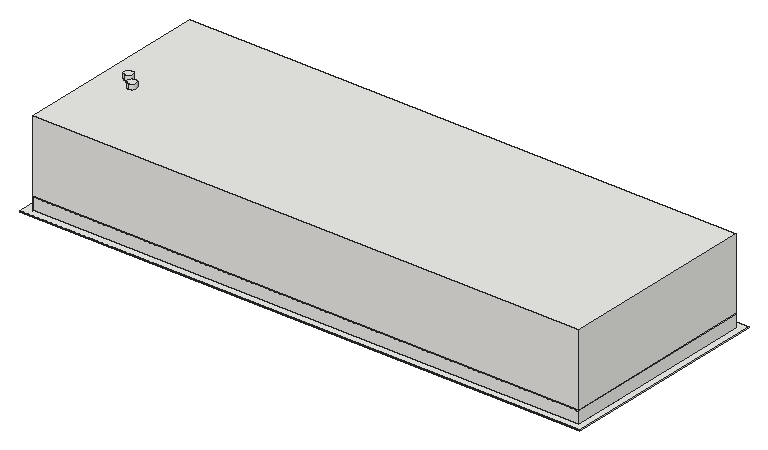
Revit family "AIRTECNICS_AIR CURTAIN_RECESSED WINDBOX_MG_WATER HEATED (P)_0", category Mechanical Equipment, Revit 2016
Family settings
  Part Type = Normal
  Round Connector Dimension = Use Diameter
  OmniClass Number = 23.75.70.21.17
  OmniClass Title = Air Curtains
  Work Plane-Based = No
  Always vertical = Yes
  Cut with Voids When Loaded = No
  Shared = No
  Room Calculation Point = No
Parameters (values of type "WINDBOX RM 2000 P")
  · PIPES POSITION · [instance] = "-/ Select Pipes Position /-"  # constant formula
  · OTHERS · [instance] = "-/ Select Supports - Inst.Maint. Space /-"  # constant formula
  · HEATING · [instance] = "-/ Select Heating /-"  # constant formula
  Weight [instance] = size_lookup(Name_Lookup_Data, "Weight", 1.00 kg, CM, CT, CH)  # 122.00 kg
  Water Pipes_P4 [instance] = no
  Water Pipes_P3 [instance] = no
  Water Pipes_P2 (Std) [instance] = if(CW = 0, 1 = 1, 1 = 0)  # yes
  Water Pipes_P1 [instance] = no
  Water Flow Connector [instance] = size_lookup(Name_Lookup_Data, "Water Flow_connector", 3.6 m³/h, CM, CT, CH)  # 0.9 m³/h
  Water Drop Pressure [instance] = size_lookup(Name_Lookup_Data, "Water Drop Pressure", 1.0 Pa, CM, CT, CH)  # 1930.0 Pa
  Water Coil Volume [instance] = size_lookup(Name_Lookup_Data, "Water Coil Volume", 1.0 L, CM, CT, CH)  # 2.1 L
  Water Coil Rows [instance] = if(CH = 2, 4, if(CH = 4, 3, if(CH = 0, 2, 0)))  # 2
  WAn [instance] = 90.00°  # constant formula
  Voltage [instance] = 230 V  # constant formula
  URL_Manufacturer = "https://www.airtecnics.com"
  URL_Datasheet = "https://www.airtecnics.com/download/file/1946/recessed-windbox.pdf"
  Supports Length [instance] = 500.0 mm
  Supports (Horizontal) [instance] = no
  Revit Version = "Revit 2016 - English"  # constant formula
  Review Date = "11/18"  # constant formula
  Remote Control = "IR-AIR"  # constant formula
  Product Size = if(CT = 2, "1000", if(CT = 4, "1500", if(CT = 8, "2000", if(CT = 16, "2500", if(CT = 32, "3000", "Consult Manufacturer")))))  # "2000"
  Product Reference [instance] = size_lookup(Name_Lookup_Ref, "", "Consult Manufacturer", CM, CT, CH)  # "RM 2000 P86"
  Product Heating [instance] = if(CH = 2, "P54 - 50/40ºC - 4 ROWS", if(CH = 4, "P64 - 60/40ºC - 3 ROWS", if(CH = 0, "P86 - 80/60ºC - 2 ROWS", "Consult Manufacturer")))  # "P86 - 80/60ºC - 2 ROWS"
  Product Description [instance] = size_lookup(Name_Lookup_Data, "", "Consult Manufacturer", CM, CT, CH)  # "Self-supporting casing construction made of galvanized steel plate, ready to be installed recessed in a false ceiling. \r\nInlet grille (free of maintenance) made with aluminium profiles and blow-out nozzle, integrated in a single white frame colour RAL 9016. Other colours are available on request. \r\nAnodized aluminium outlet vanes, airfoil shaped, adjustable in both directions.\r\nDouble-inlet centrifugal fans driven by an external rotor motor and low noise level. 5-speed selector. \r\n“P” type with water heated coil. \r\nIncludes Plug&Play control with 7m RJ45 cable and infrared remote control. Optional: Clever control (programmable, automatic, intelligent, energy saving, Modbus RTU for BMS…)\r\nAir Volume: 3320 m3/h \r\nFans:  0,856 kW  3,8 A 230Vx1 50Hz\r\nHeating power: 20,65 kW (80/60ºC)\r\nDimensions: 770x310x2050 mm (depth, height, length)"
  Power Fans Factor [instance] = size_lookup(Name_Lookup_Data, "Power Fans Factor", 1, CM, CT, CH)  # 0.98
  Power Fans [instance] = size_lookup(Name_Lookup_Data, "Power Fans", 1 kW, CM, CT, CH)  # 0.856 kW
  P86 - 80/60ºC - 2 ROWS [instance] = if(CH = 0, 1 = 1, 1 = 0)  # yes
  P64 - 60/40ºC - 3 ROWS [instance] = no
  P54 - 50/40ºC - 4 ROWS [instance] = no
  P = 1 = 1  # yes
  Noise Level (dB(A)) [instance] = size_lookup(Name_Lookup_Data, "Noise Level (dB(A))", 1, CM, CT, CH)  # 58
  Name_Lookup_Ref = "R_WINDBOX_MG_(P)_Ref_Lookup"  # constant formula
  Name_Lookup_Data2 = "R_WINDBOX_MG_(P)_Mainfolds_Lookup"  # constant formula
  Name_Lookup_Data = "R_WINDBOX_MG_(P)_Data_Lookup"  # constant formula
  Material Inlet Grille [instance] = AIRTECNICS_White RAL 9016
  Material Curtain [instance] = AIRTECNICS_White RAL 9016
  Mainfolds [instance] = size_lookup(Name_Lookup_Data2, "", "Consult Manufacturer", CW, CH)  # "2x3/4\" F"
  M = yes
  Li1 = 130.0 mm  # constant formula
  Length = if(CT = 2, 1050.0 mm, if(CT = 4, 1550.0 mm, if(CT = 8, 2050.0 mm, if(CT = 16, 2550.0 mm, L + 50.0 mm))))  # 2050.0 mm
  IfcExportType = "WATERHEATINGCOIL"  # constant formula
  IfcExportAs = "IfcCoilType"  # constant formula
  Height = 310.0 mm  # constant formula
  Heating Capacity [instance] = size_lookup(Name_Lookup_Data, "Heating Capacity", 1 kW, CM, CT, CH)  # 20.65 kW
  G = no
  Frequency = 50 Hz  # constant formula
  Fans Stage = 5  # constant formula
  Family Version = "2.0"  # constant formula
  EC = no
  Depth = 770.0 mm  # constant formula
  D_Pipping_Connector [instance] = if(CH = 2, 25 mm, 20 mm)  # 20 mm
  Current Fans [instance] = size_lookup(Name_Lookup_Data, "Current Fans", 1 A, CM, CT, CH)  # 3.8 A
  Created by = "BIMETRICAL"  # constant formula
  Control [instance] = "CW-5AW-IR"  # constant formula
  Cable = "CB7"  # constant formula
  URL = "https://www.airtecnics.com/products/air-curtain-recessed-windbox"
  Model = "Air curtain Recessed Windbox M,G P"  # constant formula
  L = 2000.0 mm
  Type Image = <None>
  Manufacturer = "AIRTECNICS"  # constant formula
  Description = ""
  Type Comments = "Self-supporting casing construction made of galvanized steel plate, ready to be installed recessed in a false ceiling. \r\nInlet grille (free of maintenance) made with aluminium profiles and blow-out nozzle, integrated in a single white frame colour RAL 9016. Other colours are available on request. \r\nAnodized aluminium outlet vanes, airfoil shaped, adjustable in both directions.\r\nDouble-inlet centrifugal fans driven by an external rotor motor and low noise level. 5-speed selector. EC models assembled with very low consumption efficiency fans. \r\n“P” type with water heated coil. “E” type with electrical shielded elements, three stages with integrated regulation. “A” type without heating, air only. Optional expansion DX coil.\r\nIncludes Plug&Play control with 7m RJ45 cable and infrared remote control. Optional: Clever control (programmable, automatic, intelligent, energy saving, Modbus RTU for BMS…)"  # constant formula
  CW [instance] = if(Water Pipes_P1, 2, 0) + if(Water Pipes_P3, 4, 0) + if(Water Pipes_P4, 8, 0)  # 0
  CT = if(L = 1000.0 mm, 2, 0) + if(L = 1500.0 mm, 4, 0) + if(L = 2000.0 mm, 8, 0) + if(L = 2500.0 mm, 16, 0) + if(L = 3000.0 mm, 32, 0)  # 8
  CM = if(M, 2, 0) + if(EC, 4, 0) + if(G, 8, 0)  # 2
  CH [instance] = if([P54 - 50/40ºC - 4 ROWS], 2, 0) + if([P64 - 60/40ºC - 3 ROWS], 4, 0)  # 0
  BIMETRICAL Category = "Coil"  # constant formula
  BIMETRICAL = "http://www.bimetrical.com/"  # constant formula
  Aspiration/Maintenance Space [instance] = no
  Apparent Load [instance] = size_lookup(Name_Lookup_Data, "Apparent Load", 1 VA, CM, CT, CH)  # 433 VA
  Airflow [instance] = size_lookup(Name_Lookup_Data, "Airflow", 1 m³/h, CM, CT, CH)  # 3320 m³/h
Reference planes
  plane 1 "Centro (Frontal/Posterior)": z = 0
  plane 2: y = 246.57
  plane 3 "Centro (Izquierda/Derecha)": x = 0
Lines and regions (mm)
  reference lines
    curve 1: line (0, 246.57, 0) -> (0, 246.57, 130)
Dimensions and locks
  "Li1": curve 1 to curve 1
  "WAn": angle plane 1 "Centro (Frontal/Posterior)" to curve 1
  aligned and locked: plane 1 "Centro (Frontal/Posterior)" to curve 1
  aligned and locked: plane 3 "Centro (Izquierda/Derecha)" to curve 1
  aligned and locked: nested 1 to plane 2
  aligned and locked: nested 1 to plane 1 "Centro (Frontal/Posterior)"
Nested families
  nested 1: "GEOM_WINDBOX_P_RECESSED" at (0, 101, 48), Material Inlet Grille <- "Material Inlet Grille", L <- "L", Aspiration/Maintenance Space <- "Aspiration/Maintenance Space", Support Length <- "Supports Length", CW <- "CW", ViHS <- "Supports (Horizontal)", CH <- "CH", Material Curtain <- "Material Curtain", type "Air curtain Recessed Windbox"
    with ViHSC no, ViHS no, Vi2 no, Vi1 yes, TI 9, Support Length 500.0 mm, Position Water pipes OUT connection "--------------------------------", Position Water pipes IN connection "--------------------------------", Material Inlet Grille AIRTECNICS_White RAL 9016, Material Curtain AIRTECNICS_White RAL 9016, LiS 760.0 mm, Li9 114.0 mm, Li8 0.0 mm, Li7 52.0 mm, Li6 720.0 mm, Li16 10.0 mm, Li15 10.0 mm, Li14 260.0 mm, Li13 76.0 mm, Li12 0.0 mm, Li11 85.0 mm, Li10 260.0 mm, L 2000.0 mm, D_Pipping 32.0 mm, CW 0, CH 0, Aspiration/Maintenance Space no, AnWCO 90.00°, AnWCI 90.00°
Connectors
  piping at (-924, 202.57, 323), diameter 20, driven by "D_Pipping_Connector", driven by "Water Flow Connector", driven by "Water Drop Pressure"
    settings: on nested 1, index 1, connector inside diameter 609.6 mm, connector length 0.0 mm, flow factor 0, pipe flow 0.9 m³/h, pressure drop 1930.0 Pa, fitting loss kfactor 0, connector angle 0.00°, fixture units 0, engagement length 0.0 mm, angle of deflection 0.00°, flow configuration 1, flow direction 1, fitting loss method 4, system type 7, joint type 0, gender type 0, connector reference index -1, connector utility 0, adjustable connector no, is connector primary yes, connector description "Hydronic Supply In"
  piping at (-886, 169.57, 323), diameter 20, driven by "D_Pipping_Connector", driven by "Water Flow Connector"
    settings: on nested 1, index 2, connector inside diameter 609.6 mm, connector length 0.0 mm, flow factor 0, pipe flow 0.9 m³/h, pressure drop 0.0 Pa, fitting loss kfactor 0, connector angle 0.00°, fixture units 0, engagement length 0.0 mm, angle of deflection 0.00°, flow configuration 1, flow direction 2, fitting loss method 0, system type 8, joint type 0, gender type 0, connector reference index -1, connector utility 0, adjustable connector no, is connector primary no, connector description "Hydronic Return Out"
  electrical at (859, 481.57, 308), driven by "Voltage", driven by "Apparent Load", driven by "Power Fans Factor"
    settings: on nested 1, index 3, voltage 230 V, apparent load 433 VA, apparent load phase1 0 VA, apparent load phase2 0 VA, apparent load phase3 0 VA, power factor 0.98, load classification "HVAC", number of poles 1, system type 30, power factor state 1, is connector primary yes, connector utility no, sub classification motor no, connector description ""
Definition of nested family "GEOM_WINDBOX_P_RECESSED"
  Parameters (values of type "Air curtain Recessed Windbox")
    ViHSC [instance] = if(and(ViHS, L > 1000.0 mm), 1 = 1, 1 = 0)  # no
    Vi2 [instance] = if(L = 2500.0 mm, 1 = 1, 1 = 0)  # yes
    Vi1 [instance] = not(Vi2)  # no
    TI [instance] = if(L = 1000.0 mm, 5, if(L = 1500.0 mm, 7, if(L = 2000.0 mm, 9, if(L = 2500.0 mm, 11, L / 200.0 mm))))  # 11
    Name_Lookup_WaterCoils = "R_WINDBOX_MG_(P)_WaterCoil_Lookup"  # constant formula
    Name_Lookup_DExterior = "WINDBOX_MG_(P)_Dexterior_Lookup"  # constant formula
    Material Outlet Grille = none
    Material II = none
    Material I = none
    Material Inlet Grille [instance] = none
    Li16 [instance] = if(CW = 2, 100.0 mm, 10.0 mm)  # 10.0 mm
    Li15 [instance] = if(CW = 8, 100.0 mm, 10.0 mm)  # 10.0 mm
    Li14 [instance] = size_lookup(Name_Lookup_WaterCoils, "Li14", 260.0 mm, CW)  # 260.0 mm
    Li13 [instance] = if(CW = 4, L - 114.0 mm, if(CW = 2, 1.0 mm, if(CW = 8, L - 1.0 mm, 76.0 mm)))  # 76.0 mm
    Li12 [instance] = size_lookup(Name_Lookup_WaterCoils, "Li12", 0.0 mm, CW)  # 0.0 mm
    Li11 [instance] = size_lookup(Name_Lookup_WaterCoils, "Li11", 85.0 mm, CW)  # 85.0 mm
    D_Pipping [instance] = size_lookup(Name_Lookup_DExterior, "D_Pipping_Connector", 32.0 mm, CW, CH)  # 32.0 mm
    CW [instance] = 0
    CH [instance] = 0
    AnWCO [instance] = size_lookup(Name_Lookup_WaterCoils, "AnWCO", 90.00°, CW)  # 90.00°
    Position Water pipes IN connection [instance] = "--------------------------------"  # constant formula
    Position Water pipes OUT connection [instance] = "--------------------------------"  # constant formula
    ViHS [instance] = no
    Support Length [instance] = 500.0 mm
    AnWCI [instance] = size_lookup(Name_Lookup_WaterCoils, "AnWCI", 90.00°, CW)  # 90.00°
    LiS [instance] = Support Length + 260.0 mm  # 760.0 mm
    Revit Version = "Revit 2016 - English"  # constant formula
    Review Date = "11/18"  # constant formula
    Material Curtain [instance] = none
    Li9 [instance] = if(CW = 4, L - 76.0 mm, if(CW = 2, 1.0 mm, if(CW = 8, L - 1.0 mm, 114.0 mm)))  # 114.0 mm
    Li7 [instance] = size_lookup(Name_Lookup_WaterCoils, "Li7", 52.0 mm, CW)  # 52.0 mm
    Li6 [instance] = Depth  # 720.0 mm
    Li8 [instance] = size_lookup(Name_Lookup_WaterCoils, "Li8", 0.0 mm, CW)  # 0.0 mm
    Li10 [instance] = size_lookup(Name_Lookup_WaterCoils, "Li10", 260.0 mm, CW)  # 260.0 mm
    Family Version = "1.0"  # constant formula
    Depth = 720.0 mm  # constant formula
    Default Elevation = 1219.2 mm
    Created by = "BIMETRICAL"  # constant formula
    URL = "https://www.airtecnics.com/products/air-curtain-recessed-windbox"
    Model = "Air curtain Recessed Windbox"  # constant formula
    L [instance] = 2500.0 mm
    Type Image = (empty or 0)
    Manufacturer = "AIRTECNICS"  # constant formula
    Description = "AIRTECNICS_Air curtain Recessed Windbox"  # constant formula
    Type Comments = ""
    BIMETRICAL Category = "Fan"  # constant formula
    BIMETRICAL = "http://www.bimetrical.com/"  # constant formula
    Aspiration/Maintenance Space [instance] = no
  Reference planes
    plane 1 "Centro (Frontal/Posterior)": z = 0
    plane 2: y = 246.57
    plane 3 "Centro (Izquierda/Derecha)": x = 0
    plane 4: z = 260
    plane 5: y = 476.57
    plane 6: y = 16.57
    plane 7: x = -1250
    plane 8: x = 1250
    plane 9: x = -1210
    plane 10: x = 1210
    plane 11: y = 442.57
    plane 12: y = 145.57
    plane 13: y = -223.43
    plane 14: x = -1136
    plane 15 "P1-01": y = 68.57
    plane 16 "P1-02": z = 0
    plane 17 "P2-01": x = -1174
    plane 18 "P2-02": z = 0
    plane 19 "P2-03": y = 101.57
    plane 20: y = -243.43
    plane 21: y = 501.57
    plane 22: x = 1275
    plane 23: y = -268.43
    plane 24: z = -48
    plane 25: z = -50
    plane 26: x = 1248
    plane 27: x = -1248
    plane 28: x = -418.5
    plane 29: x = 418.5
    plane 30: x = -1203.5
    plane 31: x = 1203.5
    plane 32: x = -962.8
    plane 33: x = -722.1
    plane 34: x = -481.4
    plane 35: z = -250
    plane 36: y = -241.454
    plane 37: y = -9.53
    plane 38: x = 1335
    plane 39: x = -1425
    plane 40: x = -240.7
    plane 41: x = 0
    plane 42: x = 240.7
    plane 43: x = 481.4
    plane 44: x = 722.1
    plane 45: x = 962.8
  Forms (mm)
    Extrusion 1, solid, material <- "Material Inlet Grille"
      sketch origin (0, 0, -50) x (1, 0, 0) y (0, 1, 0)
        loop
          line (-1250, 476.57) -> (-1250, -243.43) -> (1250, -243.43) -> (1250, 476.57) -> (-1250, 476.57)
      from 0 to 50
    Extrusion 2, void, detail levels medium+fine
      sketch origin (0, 0, -50) x (1, 0, 0) y (0, 1, 0)
        loop
          line (-1249, 474.57) -> (-1249, 387.47) -> (1249, 387.47) -> (1249, 474.57) -> (-1249, 474.57)
      from 0 to 46
    Extrusion 3, solid, material <- "Material Curtain", not visible
      sketch origin (559.734, 0, 0) x (1, 0, 0) y (0, 1, 0)
        loop
          line (613.266, 405.57) -> (485.266, 405.57) -> (485.266, 355.57) -> (613.266, 355.57) -> (613.266, 405.57)
      from 260 to 259
    Extrusion 4, solid, visible <- "ViHS"
      sketch origin (0, 0, 0) x (1, 0, 0) y (0, 1, 0)
        loop
          circle (-1210, 442.57) r 3.375
      from 260 to 760 <- "LiS"
    Extrusion 5, solid, visible <- "ViHSC"
      sketch origin (1185, 0, 0) x (1, 0, 0) y (0, 1, 0)
        loop
          circle (-1185, 442.57) r 3.375
      from 260 to 760 <- "LiS"
    Extrusion 6, solid, visible <- "ViHS"
      sketch origin (2385, 0, 0) x (1, 0, 0) y (0, 1, 0)
        loop
          circle (-1175, 442.57) r 3.375
      from 260 to 760 <- "LiS"
    Extrusion 7, solid, visible <- "ViHSC"
      sketch origin (1185, -240, 0) x (1, 0, 0) y (0, 1, 0)
        loop
          circle (-1185, 385.57) r 3.375
      from 260 to 760 <- "LiS"
    Extrusion 8, solid, visible <- "ViHS"
      sketch origin (2344.293, -280.483, 0) x (1, 0, 0) y (0, 1, 0)
        loop
          circle (-1134.293, 426.053) r 3.375
      from 260 to 760 <- "LiS"
    Extrusion 9, solid, visible <- "ViHS"
      sketch origin (9.293, -280.483, 0) x (1, 0, 0) y (0, 1, 0)
        loop
          circle (-1219.293, 426.053) r 3.375
      from 260 to 760 <- "LiS"
    Extrusion 10, solid, visible <- "Aspiration/Maintenance Space"
      sketch origin (0, 0, -50) x (1, 0, 0) y (0, 1, 0)
        loop
          line (-1250, 476.57) -> (-1250, -243.43) -> (1250, -243.43) -> (1250, 476.57) -> (-1250, 476.57)
      from 310 to 410
    Extrusion 11, solid, visible <- "Aspiration/Maintenance Space"
      sketch origin (230, 246.57, 5) x (1, 0, 0) y (0, 0, 1)
        loop
          line (1020, 255) -> (1020, -53) -> (1030, -53) -> (1030, 255) -> (1020, 255)
      from -230 to 490
    Extrusion 12, solid, visible <- "Aspiration/Maintenance Space"
      sketch origin (-2520, 246.57, 5) x (1, 0, 0) y (0, 0, 1)
        loop
          line (1260, 255) -> (1260, -53) -> (1270, -53) -> (1270, 255) -> (1260, 255)
      from -230 to 490
    Extrusion 13, solid, visible <- "ViHSC"
      sketch origin (1185, -609, 0) x (1, 0, 0) y (0, 1, 0)
        loop
          circle (-1185, 385.57) r 3.375
      from 260 to 760 <- "LiS"
    Extrusion 14, solid, visible <- "ViHS"
      sketch origin (2344.293, -649.483, 0) x (1, 0, 0) y (0, 1, 0)
        loop
          circle (-1134.293, 426.053) r 3.375
      from 260 to 760 <- "LiS"
    Extrusion 15, solid, visible <- "ViHS"
      sketch origin (9.293, -649.483, 0) x (1, 0, 0) y (0, 1, 0)
        loop
          circle (-1219.293, 426.053) r 3.375
      from 260 to 760 <- "LiS"
    Extrusion 16, solid, material <- "Material Curtain"
      sketch origin (-1174, 101.57, 260) x (0, -1, 0) y (1, 0, 0)
        loop
          circle (0, 0) r 16
      from 0 to 15
    Extrusion 17, solid, material <- "Material Curtain"
      sketch origin (-1136, 68.57, 260) x (0, -1, 0) y (1, 0, 0)
        loop
          circle (0, 0) r 16
      from 0 to 15
    Extrusion 18, solid, material <- "Material Inlet Grille"
      sketch origin (-54.078, -166.435, -50) x (1, 0, 0) y (0, 1, 0)
        loop
          line (-1220.922, -101.996) -> (1329.078, -101.996) -> (1329.078, 668.004) -> (-1220.922, 668.004) -> (-1220.922, -101.996)
        loop
          line (-1195.922, -76.996) -> (1304.078, -76.996) -> (1304.078, 643.004) -> (-1195.922, 643.004) -> (-1195.922, -76.996)
      from 0 to 2
    Sweep 19, void
      path origin (0, 0, -50) x (1, 0, 0) y (0, 1, 0)
        loop
          line (-1250, 476.57) -> (-1250, -243.43) -> (1250, -243.43) -> (1250, 476.57) -> (-1250, 476.57)
      profile origin (0, 476.57, -50) x (0, 1, 0) y (0, 0, 1)
        loop
          line (0, 46) -> (0, 50) -> (-4, 50)
          arc (-4, 50) -> (-1.172, 48.828) -> (0, 46) r 4
    Extrusion 20, solid, material <- "Material Outlet Grille"
      sketch origin (0, 0, 0) x (0, 1, 0) y (0, 0, 1)
        loop
          line (452.413, -27.506) -> (455.591, -46.036)
          arc (455.591, -46.036) -> (457.07, -47.282) -> (458.548, -46.036) r 1.5
          line (458.548, -46.036) -> (461.726, -27.506)
          arc (461.726, -27.506) -> (457.07, -21.982) -> (452.413, -27.506) r 4.725
        loop
          arc (429.342, -46.036) -> (430.82, -47.282) -> (432.299, -46.036) r 1.5
          line (432.299, -46.036) -> (435.477, -27.506)
          arc (435.477, -27.506) -> (430.82, -21.982) -> (426.163, -27.506) r 4.725
          line (426.163, -27.506) -> (429.342, -46.036)
        loop
          arc (409.976, -27.506) -> (405.319, -21.982) -> (400.662, -27.506) r 4.725
          line (400.662, -27.506) -> (403.84, -46.036)
          arc (403.84, -46.036) -> (405.319, -47.282) -> (406.797, -46.036) r 1.5
          line (406.797, -46.036) -> (409.976, -27.506)
      from -1248 to 1248
    Extrusion 21, void, detail levels medium+fine
      sketch origin (0, -484.3, -50) x (1, 0, 0) y (0, 1, 0)
        loop
          line (-1249, 474.77) -> (-1249, 242.846) -> (1249, 242.846) -> (1249, 474.77) -> (-1249, 474.77)
      from 0 to 46
    Extrusion 22, solid, material <- "Material Curtain"
      sketch origin (0, 0, -50) x (1, 0, 0) y (0, 1, 0)
        loop
          line (-1250, 476.57) -> (-1250, -243.43) -> (1250, -243.43) -> (1250, 476.57) -> (-1250, 476.57)
      from 50 to 310
    Extrusion 23, solid, material <- "Material II", visible <- "Vi1"
      sketch origin (0, 0, 0) x (0, 1, 0) y (0, 0, 1)
        loop
          line (474.57, -4) -> (400.57, -4) -> (400.57, -47.504) -> (474.57, -47.504) -> (474.57, -4)
      from -7.5 to 7.5
    Extrusion 24, solid, material <- "Material I"
      sketch origin (1191.816, 0, 0) x (0, 1, 0) y (0, 0, 1)
        loop
          arc (402.126, -44.927) -> (403.13, -46.77) -> (405.096, -47.504) r 3
          line (405.096, -47.504) -> (431.043, -47.504)
          arc (431.043, -47.504) -> (433.022, -46.759) -> (434.017, -44.893) r 3
          line (434.017, -44.893) -> (437.046, -21.725)
          arc (437.046, -21.725) -> (436.086, -18.568) -> (433.08, -17.207) r 4
          line (433.08, -17.207) -> (403.059, -17.207)
          arc (403.059, -17.207) -> (400.04, -18.583) -> (399.098, -21.764) r 4
          line (399.098, -21.764) -> (402.126, -44.927)
      from 53.181 to 56.184
    Extrusion 25, solid, material <- "Material I", visible <- "Vi1"
      sketch origin (-45.681, 0, 0) x (0, 1, 0) y (0, 0, 1)
        loop
          arc (402.126, -44.927) -> (403.13, -46.77) -> (405.096, -47.504) r 3
          line (405.096, -47.504) -> (431.043, -47.504)
          arc (431.043, -47.504) -> (433.022, -46.759) -> (434.017, -44.893) r 3
          line (434.017, -44.893) -> (437.046, -21.725)
          arc (437.046, -21.725) -> (436.086, -18.568) -> (433.08, -17.207) r 4
          line (433.08, -17.207) -> (403.059, -17.207)
          arc (403.059, -17.207) -> (400.04, -18.583) -> (399.098, -21.764) r 4
          line (399.098, -21.764) -> (402.126, -44.927)
      from 53.181 to 56.184
    Extrusion 26, solid, material <- "Material I", visible <- "Vi1"
      sketch origin (-63.684, 0, 0) x (0, 1, 0) y (0, 0, 1)
        loop
          arc (402.126, -44.927) -> (403.13, -46.77) -> (405.096, -47.504) r 3
          line (405.096, -47.504) -> (431.043, -47.504)
          arc (431.043, -47.504) -> (433.022, -46.759) -> (434.017, -44.893) r 3
          line (434.017, -44.893) -> (437.046, -21.725)
          arc (437.046, -21.725) -> (436.086, -18.568) -> (433.08, -17.207) r 4
          line (433.08, -17.207) -> (403.059, -17.207)
          arc (403.059, -17.207) -> (400.04, -18.583) -> (399.098, -21.764) r 4
          line (399.098, -21.764) -> (402.126, -44.927)
      from 53.181 to 56.184
    Extrusion 27, solid, material <- "Material II", visible <- "Vi2", not visible
      sketch origin (0, 0, 0) x (0, 1, 0) y (0, 0, 1)
        loop
          line (474.57, -4) -> (400.57, -4) -> (400.57, -47.504) -> (474.57, -47.504) -> (474.57, -4)
      from -7.5 to 7.5
    Extrusion 28, solid, material <- "Material I", visible <- "Vi2", not visible
      sketch origin (-45.681, 0, 0) x (0, 1, 0) y (0, 0, 1)
        loop
          arc (402.126, -44.927) -> (403.13, -46.77) -> (405.096, -47.504) r 3
          line (405.096, -47.504) -> (431.043, -47.504)
          arc (431.043, -47.504) -> (433.022, -46.759) -> (434.017, -44.893) r 3
          line (434.017, -44.893) -> (437.046, -21.725)
          arc (437.046, -21.725) -> (436.086, -18.568) -> (433.08, -17.207) r 4
          line (433.08, -17.207) -> (403.059, -17.207)
          arc (403.059, -17.207) -> (400.04, -18.583) -> (399.098, -21.764) r 4
          line (399.098, -21.764) -> (402.126, -44.927)
      from 53.181 to 56.184
    Extrusion 29, solid, material <- "Material I", visible <- "Vi2", not visible
      sketch origin (-63.684, 0, 0) x (0, 1, 0) y (0, 0, 1)
        loop
          arc (402.126, -44.927) -> (403.13, -46.77) -> (405.096, -47.504) r 3
          line (405.096, -47.504) -> (431.043, -47.504)
          arc (431.043, -47.504) -> (433.022, -46.759) -> (434.017, -44.893) r 3
          line (434.017, -44.893) -> (437.046, -21.725)
          arc (437.046, -21.725) -> (436.086, -18.568) -> (433.08, -17.207) r 4
          line (433.08, -17.207) -> (403.059, -17.207)
          arc (403.059, -17.207) -> (400.04, -18.583) -> (399.098, -21.764) r 4
          line (399.098, -21.764) -> (402.126, -44.927)
      from 53.181 to 56.184
    Extrusion 30, solid, material <- "Material II", visible <- "Vi2"
      sketch origin (418.5, 0, 0) x (0, 1, 0) y (0, 0, 1)
        loop
          line (474.57, -4) -> (400.57, -4) -> (400.57, -47.504) -> (474.57, -47.504) -> (474.57, -4)
      from -7.5 to 7.5
    Extrusion 31, solid, material <- "Material I", visible <- "Vi2"
      sketch origin (372.819, 0, 0) x (0, 1, 0) y (0, 0, 1)
        loop
          arc (402.126, -44.927) -> (403.13, -46.77) -> (405.096, -47.504) r 3
          line (405.096, -47.504) -> (431.043, -47.504)
          arc (431.043, -47.504) -> (433.022, -46.759) -> (434.017, -44.893) r 3
          line (434.017, -44.893) -> (437.046, -21.725)
          arc (437.046, -21.725) -> (436.086, -18.568) -> (433.08, -17.207) r 4
          line (433.08, -17.207) -> (403.059, -17.207)
          arc (403.059, -17.207) -> (400.04, -18.583) -> (399.098, -21.764) r 4
          line (399.098, -21.764) -> (402.126, -44.927)
      from 53.181 to 56.184
    Extrusion 32, solid, material <- "Material I", visible <- "Vi2"
      sketch origin (354.816, 0, 0) x (0, 1, 0) y (0, 0, 1)
        loop
          arc (402.126, -44.927) -> (403.13, -46.77) -> (405.096, -47.504) r 3
          line (405.096, -47.504) -> (431.043, -47.504)
          arc (431.043, -47.504) -> (433.022, -46.759) -> (434.017, -44.893) r 3
          line (434.017, -44.893) -> (437.046, -21.725)
          arc (437.046, -21.725) -> (436.086, -18.568) -> (433.08, -17.207) r 4
          line (433.08, -17.207) -> (403.059, -17.207)
          arc (403.059, -17.207) -> (400.04, -18.583) -> (399.098, -21.764) r 4
          line (399.098, -21.764) -> (402.126, -44.927)
      from 53.181 to 56.184
    Extrusion 33, solid, visible <- "Vi1", not visible
      sketch origin (1185, 0, 0) x (1, 0, 0) y (0, 1, 0)
        loop
          circle (-1185, 442.57) r 3.375
      from 260 to 760 <- "LiS"
    Extrusion 34, solid, material <- "Material II", visible <- "Vi1", not visible
      sketch origin (0, 0, 0) x (0, 1, 0) y (0, 0, 1)
        loop
          line (474.57, -4) -> (400.57, -4) -> (400.57, -47.504) -> (474.57, -47.504) -> (474.57, -4)
      from -7.5 to 7.5
    Extrusion 35, solid, material <- "Material I", visible <- "Vi1", not visible
      sketch origin (-45.681, 0, 0) x (0, 1, 0) y (0, 0, 1)
        loop
          arc (402.126, -44.927) -> (403.13, -46.77) -> (405.096, -47.504) r 3
          line (405.096, -47.504) -> (431.043, -47.504)
          arc (431.043, -47.504) -> (433.022, -46.759) -> (434.017, -44.893) r 3
          line (434.017, -44.893) -> (437.046, -21.725)
          arc (437.046, -21.725) -> (436.086, -18.568) -> (433.08, -17.207) r 4
          line (433.08, -17.207) -> (403.059, -17.207)
          arc (403.059, -17.207) -> (400.04, -18.583) -> (399.098, -21.764) r 4
          line (399.098, -21.764) -> (402.126, -44.927)
      from 53.181 to 56.184
    Extrusion 36, solid, material <- "Material I", visible <- "Vi1", not visible
      sketch origin (-63.684, 0, 0) x (0, 1, 0) y (0, 0, 1)
        loop
          arc (402.126, -44.927) -> (403.13, -46.77) -> (405.096, -47.504) r 3
          line (405.096, -47.504) -> (431.043, -47.504)
          arc (431.043, -47.504) -> (433.022, -46.759) -> (434.017, -44.893) r 3
          line (434.017, -44.893) -> (437.046, -21.725)
          arc (437.046, -21.725) -> (436.086, -18.568) -> (433.08, -17.207) r 4
          line (433.08, -17.207) -> (403.059, -17.207)
          arc (403.059, -17.207) -> (400.04, -18.583) -> (399.098, -21.764) r 4
          line (399.098, -21.764) -> (402.126, -44.927)
      from 53.181 to 56.184
    Extrusion 37, solid, material <- "Material II", visible <- "Vi2"
      sketch origin (-418.5, 0, 0) x (0, 1, 0) y (0, 0, 1)
        loop
          line (474.57, -4) -> (400.57, -4) -> (400.57, -47.504) -> (474.57, -47.504) -> (474.57, -4)
      from -7.5 to 7.5
    Extrusion 38, solid, material <- "Material I", visible <- "Vi2"
      sketch origin (-464.181, 0, 0) x (0, 1, 0) y (0, 0, 1)
        loop
          arc (402.126, -44.927) -> (403.13, -46.77) -> (405.096, -47.504) r 3
          line (405.096, -47.504) -> (431.043, -47.504)
          arc (431.043, -47.504) -> (433.022, -46.759) -> (434.017, -44.893) r 3
          line (434.017, -44.893) -> (437.046, -21.725)
          arc (437.046, -21.725) -> (436.086, -18.568) -> (433.08, -17.207) r 4
          line (433.08, -17.207) -> (403.059, -17.207)
          arc (403.059, -17.207) -> (400.04, -18.583) -> (399.098, -21.764) r 4
          line (399.098, -21.764) -> (402.126, -44.927)
      from 53.181 to 56.184
    Extrusion 39, solid, material <- "Material I", visible <- "Vi2"
      sketch origin (-482.184, 0, 0) x (0, 1, 0) y (0, 0, 1)
        loop
          arc (402.126, -44.927) -> (403.13, -46.77) -> (405.096, -47.504) r 3
          line (405.096, -47.504) -> (431.043, -47.504)
          arc (431.043, -47.504) -> (433.022, -46.759) -> (434.017, -44.893) r 3
          line (434.017, -44.893) -> (437.046, -21.725)
          arc (437.046, -21.725) -> (436.086, -18.568) -> (433.08, -17.207) r 4
          line (433.08, -17.207) -> (403.059, -17.207)
          arc (403.059, -17.207) -> (400.04, -18.583) -> (399.098, -21.764) r 4
          line (399.098, -21.764) -> (402.126, -44.927)
      from 53.181 to 56.184
    Extrusion 40, solid, material <- "Material Outlet Grille"
      sketch origin (0, -232.43, -85.237) x (1, 0, 0) y (0, 0, 1)
        loop
          circle (-1203.5, 56.137) r 4
      from -222.9 to 5
    Extrusion 41, solid, material <- "Material Outlet Grille"
      sketch origin (2407, -232.43, -85.237) x (1, 0, 0) y (0, 0, 1)
        loop
          circle (-1203.5, 56.137) r 4
      from -222.9 to 5
    Extrusion 42, solid, material <- "Material Outlet Grille"
      sketch origin (240.7, -232.43, -85.237) x (1, 0, 0) y (0, 0, 1)
        loop
          circle (-1203.5, 56.137) r 4
      from -222.9 to 5
    Extrusion 43, solid, material <- "Material Outlet Grille"
      sketch origin (481.4, -232.43, -85.237) x (1, 0, 0) y (0, 0, 1)
        loop
          circle (-1203.5, 56.137) r 4
      from -222.9 to 5
    Extrusion 44, solid, material <- "Material Outlet Grille"
      sketch origin (722.1, -232.43, -85.237) x (1, 0, 0) y (0, 0, 1)
        loop
          circle (-1203.5, 56.137) r 4
      from -222.9 to 5
    Extrusion 45, solid, material <- "Material I"
      sketch origin (-1301.181, 0, 0) x (0, 1, 0) y (0, 0, 1)
        loop
          arc (402.126, -44.927) -> (403.13, -46.77) -> (405.096, -47.504) r 3
          line (405.096, -47.504) -> (431.043, -47.504)
          arc (431.043, -47.504) -> (433.022, -46.759) -> (434.017, -44.893) r 3
          line (434.017, -44.893) -> (437.046, -21.725)
          arc (437.046, -21.725) -> (436.086, -18.568) -> (433.08, -17.207) r 4
          line (433.08, -17.207) -> (403.059, -17.207)
          arc (403.059, -17.207) -> (400.04, -18.583) -> (399.098, -21.764) r 4
          line (399.098, -21.764) -> (402.126, -44.927)
      from 53.181 to 56.184
    Extrusion 46, solid, material <- "Material Inlet Grille"
      sketch origin (0, -150, 0) x (0, 1, 0) y (0, 0, 1)
        loop
          line (136.77, -33.656) -> (122.009, -45.189)
          arc (122.009, -45.189) -> (118.063, -47.263) -> (113.64, -47.821) r 12.5
          line (113.64, -47.821) -> (113.57, -49.119)
          arc (113.57, -49.119) -> (118.453, -48.503) -> (122.809, -46.213) r 13.8
          line (122.809, -46.213) -> (137.57, -34.681)
          arc (137.57, -34.681) -> (138.306, -33.772) -> (138.57, -32.632) r 2.6
          line (138.57, -32.632) -> (138.57, -23.9) -> (137.27, -23.9) -> (137.27, -32.632)
          arc (137.27, -32.632) -> (137.138, -33.202) -> (136.77, -33.656) r 1.3
        loop
          line (111.77, -33.656) -> (97.009, -45.189)
          arc (97.009, -45.189) -> (93.063, -47.263) -> (88.64, -47.821) r 12.5
          line (88.64, -47.821) -> (88.57, -49.119)
          arc (88.57, -49.119) -> (93.453, -48.503) -> (97.809, -46.213) r 13.8
          line (97.809, -46.213) -> (112.57, -34.681)
          arc (112.57, -34.681) -> (113.306, -33.772) -> (113.57, -32.632) r 2.6
          line (113.57, -32.632) -> (113.57, -23.9) -> (112.27, -23.9) -> (112.27, -32.632)
          arc (112.27, -32.632) -> (112.138, -33.202) -> (111.77, -33.656) r 1.3
        loop
          line (89.52, -33.656) -> (74.759, -45.189)
          arc (74.759, -45.189) -> (70.813, -47.263) -> (66.39, -47.821) r 12.5
          line (66.39, -47.821) -> (66.32, -49.119)
          arc (66.32, -49.119) -> (71.203, -48.503) -> (75.559, -46.213) r 13.8
          line (75.559, -46.213) -> (90.32, -34.681)
          arc (90.32, -34.681) -> (91.056, -33.772) -> (91.32, -32.632) r 2.6
          line (91.32, -32.632) -> (91.32, -23.9) -> (90.02, -23.9) -> (90.02, -32.632)
          arc (90.02, -32.632) -> (89.888, -33.202) -> (89.52, -33.656) r 1.3
        loop
          line (67.27, -33.656) -> (52.509, -45.189)
          arc (52.509, -45.189) -> (48.563, -47.263) -> (44.14, -47.821) r 12.5
          line (44.14, -47.821) -> (44.07, -49.119)
          arc (44.07, -49.119) -> (48.953, -48.503) -> (53.309, -46.213) r 13.8
          line (53.309, -46.213) -> (68.07, -34.681)
          arc (68.07, -34.681) -> (68.806, -33.772) -> (69.07, -32.632) r 2.6
          line (69.07, -32.632) -> (69.07, -23.9) -> (67.77, -23.9) -> (67.77, -32.632)
          arc (67.77, -32.632) -> (67.638, -33.202) -> (67.27, -33.656) r 1.3
        loop
          line (45.02, -33.656) -> (30.259, -45.189)
          arc (30.259, -45.189) -> (26.313, -47.263) -> (21.89, -47.821) r 12.5
          line (21.89, -47.821) -> (21.82, -49.119)
          arc (21.82, -49.119) -> (26.703, -48.503) -> (31.059, -46.213) r 13.8
          line (31.059, -46.213) -> (45.82, -34.681)
          arc (45.82, -34.681) -> (46.556, -33.772) -> (46.82, -32.632) r 2.6
          line (46.82, -32.632) -> (46.82, -23.9) -> (45.52, -23.9) -> (45.52, -32.632)
          arc (45.52, -32.632) -> (45.388, -33.202) -> (45.02, -33.656) r 1.3
        loop
          line (22.77, -33.656) -> (8.009, -45.189)
          arc (8.009, -45.189) -> (4.063, -47.263) -> (-0.36, -47.821) r 12.5
          line (-0.36, -47.821) -> (-0.43, -49.119)
          arc (-0.43, -49.119) -> (4.453, -48.503) -> (8.809, -46.213) r 13.8
          line (8.809, -46.213) -> (23.57, -34.681)
          arc (23.57, -34.681) -> (24.306, -33.772) -> (24.57, -32.632) r 2.6
          line (24.57, -32.632) -> (24.57, -23.9) -> (23.27, -23.9) -> (23.27, -32.632)
          arc (23.27, -32.632) -> (23.138, -33.202) -> (22.77, -33.656) r 1.3
        loop
          line (2.32, -32.632) -> (2.32, -23.9) -> (1.02, -23.9) -> (1.02, -32.632)
          arc (1.02, -32.632) -> (0.888, -33.202) -> (0.52, -33.656) r 1.3
          line (0.52, -33.656) -> (-14.241, -45.189)
          arc (-14.241, -45.189) -> (-18.187, -47.263) -> (-22.61, -47.821) r 12.5
          line (-22.61, -47.821) -> (-22.68, -49.119)
          arc (-22.68, -49.119) -> (-17.797, -48.503) -> (-13.441, -46.213) r 13.8
          line (-13.441, -46.213) -> (1.32, -34.681)
          arc (1.32, -34.681) -> (2.056, -33.772) -> (2.32, -32.632) r 2.6
        loop
          line (-21.73, -33.656) -> (-36.491, -45.189)
          arc (-36.491, -45.189) -> (-40.437, -47.263) -> (-44.86, -47.821) r 12.5
          line (-44.86, -47.821) -> (-44.93, -49.119)
          arc (-44.93, -49.119) -> (-40.047, -48.503) -> (-35.691, -46.213) r 13.8
          line (-35.691, -46.213) -> (-20.93, -34.681)
          arc (-20.93, -34.681) -> (-20.194, -33.772) -> (-19.93, -32.632) r 2.6
          line (-19.93, -32.632) -> (-19.93, -23.9) -> (-21.23, -23.9) -> (-21.23, -32.632)
          arc (-21.23, -32.632) -> (-21.362, -33.202) -> (-21.73, -33.656) r 1.3
        loop
          line (-43.98, -33.656) -> (-58.741, -45.189)
          arc (-58.741, -45.189) -> (-62.687, -47.263) -> (-67.11, -47.821) r 12.5
          line (-67.11, -47.821) -> (-67.18, -49.119)
          arc (-67.18, -49.119) -> (-62.297, -48.503) -> (-57.941, -46.213) r 13.8
          line (-57.941, -46.213) -> (-43.18, -34.681)
          arc (-43.18, -34.681) -> (-42.444, -33.772) -> (-42.18, -32.632) r 2.6
          line (-42.18, -32.632) -> (-42.18, -23.9) -> (-43.48, -23.9) -> (-43.48, -32.632)
          arc (-43.48, -32.632) -> (-43.612, -33.202) -> (-43.98, -33.656) r 1.3
        loop
          line (-66.23, -33.656) -> (-80.991, -45.189)
          arc (-80.991, -45.189) -> (-84.937, -47.263) -> (-89.36, -47.821) r 12.5
          line (-89.36, -47.821) -> (-89.43, -49.119)
          arc (-89.43, -49.119) -> (-84.547, -48.503) -> (-80.191, -46.213) r 13.8
          line (-80.191, -46.213) -> (-65.43, -34.681)
          arc (-65.43, -34.681) -> (-64.694, -33.772) -> (-64.43, -32.632) r 2.6
          line (-64.43, -32.632) -> (-64.43, -23.9) -> (-65.73, -23.9) -> (-65.73, -32.632)
          arc (-65.73, -32.632) -> (-65.862, -33.202) -> (-66.23, -33.656) r 1.3
      from -1248 to 1248
    Extrusion 47, solid, visible <- "Aspiration/Maintenance Space"
      sketch origin (0, 0, -590) x (1, 0, 0) y (0, 1, 0)
        loop
          line (-1248, -9.53) -> (-1248, -241.454) -> (1248, -241.454) -> (1248, -9.53) -> (-1248, -9.53)
      from 340 to 540
    Extrusion 48, solid, material <- "Material Outlet Grille"
      sketch origin (962.8, -232.43, -85.237) x (1, 0, 0) y (0, 0, 1)
        loop
          circle (-1203.5, 56.137) r 4
      from -222.9 to 5
    Extrusion 49, solid, material <- "Material Outlet Grille"
      sketch origin (1203.5, -232.43, -85.237) x (1, 0, 0) y (0, 0, 1)
        loop
          circle (-1203.5, 56.137) r 4
      from -222.9 to 5
    Extrusion 50, solid, material <- "Material Outlet Grille"
      sketch origin (1444.2, -232.43, -85.237) x (1, 0, 0) y (0, 0, 1)
        loop
          circle (-1203.5, 56.137) r 4
      from -222.9 to 5
    Extrusion 51, solid, material <- "Material Outlet Grille"
      sketch origin (1684.9, -232.43, -85.237) x (1, 0, 0) y (0, 0, 1)
        loop
          circle (-1203.5, 56.137) r 4
      from -222.9 to 5
    Extrusion 52, solid, material <- "Material Outlet Grille"
      sketch origin (1925.6, -232.43, -85.237) x (1, 0, 0) y (0, 0, 1)
        loop
          circle (-1203.5, 56.137) r 4
      from -222.9 to 5
    Extrusion 53, solid, material <- "Material Outlet Grille"
      sketch origin (2166.3, -232.43, -85.237) x (1, 0, 0) y (0, 0, 1)
        loop
          circle (-1203.5, 56.137) r 4
      from -222.9 to 5
  Cuts and joins
    Extrusion 2, Sweep 19, Extrusion 21 cuts Extrusion 1
    Extrusion 21 cuts Extrusion 18
    joined: Extrusion 1, Extrusion 18
  Lines and regions (mm)
    reference lines
      curve 1: line (-1136, 68.57, 0) -> (-1136, 68.57, 260)
      curve 2: line (-1174, 101.57, 0) -> (-1174, 101.57, 260)
  Dimensions and locks
    locked: plane 4 to plane 1 "Centro (Frontal/Posterior)" at 260
    equal spacing: plane 7, plane 3 "Centro (Izquierda/Derecha)", plane 8
    equal spacing: plane 5, plane 2, plane 6
    "L": plane 7 to plane 8
    locked: plane 5 to plane 6 at 460
    plane 1 "Centro (Frontal/Posterior)" to cut or joined group of Extrusion 1, Extrusion 2, Extrusion 18, Sweep 19, Extrusion 21 = 4.0 mm
    locked: plane 7 to plane 9 at 40
    locked: plane 10 to plane 8 at 40
    plane 5 to Extrusion 2 sketch curve = 2.0 mm
    Extrusion 2 sketch curve to plane 8 = 1.0 mm
    plane 7 to Extrusion 2 sketch curve = 1.0 mm
    "Li6": plane 5 to Extrusion 1 sketch curve
    Extrusion 3 sketch curve to plane 8 = 77.0 mm
    plane 5 to Extrusion 3 sketch curve = 71.0 mm
    Extrusion 3 sketch curve to Extrusion 3 sketch curve = 50.0 mm
    Extrusion 3 sketch curve to Extrusion 3 sketch curve = 128.0 mm
    locked: plane 5 to plane 11 at 34
    plane 5 to Extrusion 10 sketch curve = 720.0 mm
    locked: Extrusion 10 to plane 4 at 100
    Extrusion 11 sketch curve to Extrusion 11 sketch curve = 308.0 mm
    Extrusion 12 sketch curve to Extrusion 12 sketch curve = 308.0 mm
    "Li16": Extrusion 12 to Extrusion 12
    "Depth": plane 5 to Extrusion 11
    "Depth": plane 5 to Extrusion 12
    locked: plane 6 to plane 12 at 129
    locked: plane 12 to plane 13 at 369
    "Li9": plane 7 to plane 14
    "Li7": plane 15 "P1-01" to plane 6
    "Li8": plane 1 "Centro (Frontal/Posterior)" to plane 16 "P1-02"
    "Li10": curve 1 to curve 1
    "Li13": plane 7 to plane 17 "P2-01"
    "Li11": plane 19 "P2-03" to plane 6
    "Li12": plane 1 "Centro (Frontal/Posterior)" to plane 18 "P2-02"
    "Li14": curve 2 to curve 2
    locked: plane 6 to plane 20 at 260
    locked: plane 21 to plane 5 at 25
    locked: plane 8 to plane 22 at 25
    locked: plane 20 to plane 23 at 25
    locked: plane 24 to plane 25 at 2
    locked: plane 24 to plane 1 "Centro (Frontal/Posterior)" at 48
    locked: Extrusion 20 to plane 25 at 3.964
    locked: plane 21 to Extrusion 20 at 97.729
    locked: plane 26 to plane 8 at 2
    locked: plane 7 to plane 27 at 2
    locked: Extrusion 24 to plane 26 at 3.003
    equal spacing: Extrusion 23, plane 3 "Centro (Izquierda/Derecha)", Extrusion 23
    equal spacing: plane 28, plane 3 "Centro (Izquierda/Derecha)", plane 29
    locked: plane 28 to plane 3 "Centro (Izquierda/Derecha)" at 418.5
    locked: plane 28 to Extrusion 37 at 7.5
    locked: plane 29 to Extrusion 30 at 7.5
    equal spacing: group 5, group 7, group 8, group 9, group 10, group 11, group 12, group 13, group 14, group 15, group 6  (x3)
    locked: plane 31 to plane 22 at 71.5
    locked: plane 27 to Extrusion 45 at 3.003
    plane 25 to plane 35 = 200.0 mm
    locked: plane 37 to plane 6 at 26.1
    locked: plane 20 to plane 36 at 1.976
    "Li15": plane 8 to Extrusion 11
    locked: plane 30 to plane 7 at 46.5
    radius of Extrusion 4 sketch curve = 3.375 mm
    radius of Extrusion 5 sketch curve = 3.375 mm
    radius of Extrusion 6 sketch curve = 3.375 mm
    radius of Extrusion 7 sketch curve = 3.375 mm
    radius of Extrusion 8 sketch curve = 3.375 mm
    radius of Extrusion 9 sketch curve = 3.375 mm
    radius of Extrusion 13 sketch curve = 3.375 mm
    radius of Extrusion 14 sketch curve = 3.375 mm
    radius of Extrusion 15 sketch curve = 3.375 mm
    "D_Pipping": diameter of Extrusion 17 sketch curve
    "D_Pipping": diameter of Extrusion 16 sketch curve
    radius of Sweep 19 sketch curve = 4.0 mm
    radius of Extrusion 33 sketch curve = 3.375 mm
    radius of Extrusion 40 sketch curve = 4.0 mm
    radius of Extrusion 41 sketch curve = 4.0 mm
    radius of Extrusion 42 sketch curve = 4.0 mm
    radius of Extrusion 43 sketch curve = 4.0 mm
    radius of Extrusion 44 sketch curve = 4.0 mm
    radius of Extrusion 48 sketch curve = 4.0 mm
    radius of Extrusion 49 sketch curve = 4.0 mm
    radius of Extrusion 50 sketch curve = 4.0 mm
    radius of Extrusion 51 sketch curve = 4.0 mm
    radius of Extrusion 52 sketch curve = 4.0 mm
    radius of Extrusion 53 sketch curve = 4.0 mm
    "AnWCI": angle curve 1 to plane 16 "P1-02"
    "AnWCO": angle curve 2 to plane 18 "P2-02"
    aligned and locked: Extrusion 1 sketch curve to plane 5
    aligned and locked: plane 7 to Extrusion 1 sketch curve
    aligned and locked: plane 8 to Extrusion 1 sketch curve
    aligned and locked: Extrusion 4 to plane 4
    aligned and locked: plane 9 to Extrusion 4 sketch curve
    aligned and locked: plane 10 to Extrusion 6 sketch curve
    aligned and locked: plane 11 to Extrusion 6 sketch curve
    aligned and locked: plane 9 to Extrusion 9 sketch curve
    aligned and locked: plane 12 to Extrusion 9 sketch curve
    aligned and locked: plane 12 to Extrusion 7 sketch curve
    aligned and locked: plane 10 to Extrusion 8 sketch curve
    aligned and locked: plane 12 to Extrusion 8 sketch curve
    aligned and locked: Extrusion 6 to plane 4
    aligned and locked: Extrusion 8 to plane 4
    aligned and locked: Extrusion 5 to plane 4
    aligned and locked: Extrusion 7 to plane 4
    aligned and locked: Extrusion 9 to plane 4
    aligned and locked: Extrusion 10 sketch curve to plane 5
    aligned and locked: plane 7 to Extrusion 10 sketch curve
    aligned and locked: plane 8 to Extrusion 10 sketch curve
    aligned and locked: Extrusion 10 to plane 4
    aligned and locked: plane 4 to Extrusion 11
    aligned and locked: plane 8 to Extrusion 11
    aligned and locked: plane 5 to Extrusion 11
    aligned and locked: plane 4 to Extrusion 12
    aligned and locked: plane 7 to Extrusion 12
    aligned and locked: plane 5 to Extrusion 12
    aligned and locked: plane 13 to Extrusion 14 sketch curve
    aligned and locked: plane 10 to Extrusion 14 sketch curve
    aligned and locked: plane 13 to Extrusion 13 sketch curve
    aligned and locked: plane 3 "Centro (Izquierda/Derecha)" to Extrusion 13 sketch curve
    aligned and locked: plane 9 to Extrusion 15 sketch curve
    aligned and locked: plane 13 to Extrusion 15 sketch curve
    aligned and locked: Extrusion 14 to plane 4
    aligned and locked: Extrusion 13 to plane 4
    aligned and locked: Extrusion 15 to plane 4
    aligned and locked: plane 16 "P1-02" to curve 1
    aligned and locked: plane 14 to curve 1
    aligned and locked: plane 18 "P2-02" to curve 2
    aligned and locked: plane 17 "P2-01" to curve 2
    aligned and locked: Extrusion 10 to plane 20
    aligned and locked: cut or joined group of Extrusion 1, Extrusion 2, Extrusion 18, Sweep 19, Extrusion 21 to plane 20
    aligned and locked: Extrusion 18 sketch curve to plane 23
    aligned and locked: plane 21 to Extrusion 18 sketch curve
    aligned and locked: Extrusion 18 sketch curve to plane 22
    aligned and locked: Extrusion 18 sketch curve to plane 8
    aligned and locked: plane 5 to Extrusion 18 sketch curve
    aligned and locked: Extrusion 18 sketch curve to plane 20
    aligned and locked: Extrusion 18 sketch curve to plane 7
    aligned and locked: plane 24 to Extrusion 18
    aligned and locked: Extrusion 12 to plane 24
    aligned and locked: Extrusion 11 to plane 24
    aligned and locked: level to plane 25
    aligned and locked: cut or joined group of Extrusion 1, Extrusion 2, Extrusion 18, Sweep 19, Extrusion 21 to level
    aligned and locked: cut or joined group of Extrusion 1, Extrusion 2, Extrusion 18, Sweep 19, Extrusion 21 to plane 25
    aligned and locked: plane 7 to Sweep 19 sketch curve
    aligned and locked: plane 20 to Sweep 19 sketch curve
    aligned and locked: Sweep 19 sketch curve to plane 5  (x2)
    aligned and locked: plane 8 to Sweep 19 sketch curve
    aligned and locked: plane 1 "Centro (Frontal/Posterior)" to Sweep 19 sketch curve
    aligned and locked: Extrusion 20 to plane 26
    aligned and locked: Extrusion 20 to plane 27
    aligned and locked: cut or joined group of Extrusion 1, Extrusion 2, Extrusion 18, Sweep 19, Extrusion 21 to plane 1 "Centro (Frontal/Posterior)"
    aligned and locked: plane 8 to Extrusion 22 sketch curve
    aligned and locked: Extrusion 22 sketch curve to plane 5
    aligned and locked: plane 7 to Extrusion 22 sketch curve
    aligned and locked: plane 20 to Extrusion 22 sketch curve
    aligned and locked: plane 4 to Extrusion 22
    aligned and locked: plane 1 "Centro (Frontal/Posterior)" to Extrusion 22
    aligned and locked: Extrusion 24 to plane 26
    aligned and locked: plane 30 to Extrusion 40 sketch curve
    aligned and locked: plane 31 to Extrusion 41 sketch curve
    aligned and locked: plane 32 to Extrusion 42 sketch curve
    aligned and locked: plane 33 to Extrusion 43 sketch curve
    aligned and locked: plane 34 to Extrusion 44 sketch curve
    aligned and locked: Extrusion 45 to plane 27
    aligned and locked: Extrusion 46 to plane 26
    aligned and locked: Extrusion 46 to plane 27
    aligned and locked: plane 25 to Extrusion 47
    aligned and locked: Extrusion 47 to plane 35
    aligned and locked: Extrusion 47 to cut or joined group of Extrusion 1, Extrusion 2, Extrusion 18, Sweep 19, Extrusion 21
    aligned and locked: Extrusion 47 to plane 27
    aligned and locked: Extrusion 47 to plane 26
    aligned and locked: plane 37 to cut or joined group of Extrusion 1, Extrusion 2, Extrusion 18, Sweep 19, Extrusion 21
    aligned and locked: plane 36 to Extrusion 21 sketch curve
    aligned and locked: Extrusion 21 sketch curve to plane 37
    aligned and locked: plane 40 to Extrusion 48 sketch curve
    aligned and locked: plane 41 to Extrusion 49 sketch curve
    aligned and locked: plane 42 to Extrusion 50 sketch curve
    aligned and locked: plane 43 to Extrusion 51 sketch curve
    aligned and locked: plane 44 to Extrusion 52 sketch curve
    aligned and locked: plane 45 to Extrusion 53 sketch curve
  Automatic sketch dimensions
    Extrusion 25 sketch curve to Extrusion 25 sketch curve = 3.028 mm
    Extrusion 25 sketch curve to Extrusion 25 sketch curve = 3.961 mm
    Extrusion 25 sketch curve to Extrusion 25 sketch curve = 2.97 mm
    Extrusion 25 sketch curve to Extrusion 25 sketch curve = 2.975 mm
    Extrusion 25 sketch curve to Extrusion 25 sketch curve = 0.557 mm
    Extrusion 25 sketch curve to Extrusion 25 sketch curve = 4.0 mm
    Extrusion 25 sketch curve to Extrusion 25 sketch curve = 3.966 mm
    Extrusion 25 sketch curve to Extrusion 25 sketch curve = 0.0 mm  (x2)
    Extrusion 26 sketch curve to Extrusion 26 sketch curve = 3.028 mm
    Extrusion 26 sketch curve to Extrusion 26 sketch curve = 3.961 mm
    Extrusion 26 sketch curve to Extrusion 26 sketch curve = 2.97 mm
    Extrusion 26 sketch curve to Extrusion 26 sketch curve = 2.975 mm
    Extrusion 26 sketch curve to Extrusion 26 sketch curve = 0.557 mm
    Extrusion 26 sketch curve to Extrusion 26 sketch curve = 4.0 mm
    Extrusion 26 sketch curve to Extrusion 26 sketch curve = 3.966 mm
    Extrusion 26 sketch curve to Extrusion 26 sketch curve = 0.0 mm  (x2)
    Extrusion 25 sketch curve to Extrusion 25 sketch curve = 25.946 mm
    Extrusion 25 sketch curve to Extrusion 25 sketch curve = 2.037 mm
    Extrusion 25 sketch curve to Extrusion 25 sketch curve = 2.578 mm
    Extrusion 25 sketch curve to Extrusion 25 sketch curve = 2.611 mm
    Extrusion 25 sketch curve to Extrusion 25 sketch curve = 23.162 mm
    Extrusion 26 sketch curve to Extrusion 26 sketch curve = 25.946 mm
    Extrusion 26 sketch curve to Extrusion 26 sketch curve = 2.037 mm
    Extrusion 26 sketch curve to Extrusion 26 sketch curve = 2.578 mm
    Extrusion 26 sketch curve to Extrusion 26 sketch curve = 2.611 mm
    Extrusion 26 sketch curve to Extrusion 26 sketch curve = 23.162 mm
    Extrusion 28 sketch curve to Extrusion 28 sketch curve = 3.028 mm
    Extrusion 28 sketch curve to Extrusion 28 sketch curve = 3.961 mm
    Extrusion 28 sketch curve to Extrusion 28 sketch curve = 2.97 mm
    Extrusion 28 sketch curve to Extrusion 28 sketch curve = 2.975 mm
    Extrusion 28 sketch curve to Extrusion 28 sketch curve = 0.557 mm
    Extrusion 28 sketch curve to Extrusion 28 sketch curve = 4.0 mm
    Extrusion 28 sketch curve to Extrusion 28 sketch curve = 3.966 mm
    Extrusion 28 sketch curve to Extrusion 28 sketch curve = 0.0 mm  (x2)
    Extrusion 29 sketch curve to Extrusion 29 sketch curve = 3.028 mm
    Extrusion 29 sketch curve to Extrusion 29 sketch curve = 3.961 mm
    Extrusion 29 sketch curve to Extrusion 29 sketch curve = 2.97 mm
    Extrusion 29 sketch curve to Extrusion 29 sketch curve = 2.975 mm
    Extrusion 29 sketch curve to Extrusion 29 sketch curve = 0.557 mm
    Extrusion 29 sketch curve to Extrusion 29 sketch curve = 4.0 mm
    Extrusion 29 sketch curve to Extrusion 29 sketch curve = 3.966 mm
    Extrusion 29 sketch curve to Extrusion 29 sketch curve = 0.0 mm  (x2)
    Extrusion 28 sketch curve to Extrusion 28 sketch curve = 25.946 mm
    Extrusion 28 sketch curve to Extrusion 28 sketch curve = 2.037 mm
    Extrusion 28 sketch curve to Extrusion 28 sketch curve = 2.578 mm
    Extrusion 28 sketch curve to Extrusion 28 sketch curve = 2.611 mm
    Extrusion 28 sketch curve to Extrusion 28 sketch curve = 23.162 mm
    Extrusion 29 sketch curve to Extrusion 29 sketch curve = 25.946 mm
    Extrusion 29 sketch curve to Extrusion 29 sketch curve = 2.037 mm
    Extrusion 29 sketch curve to Extrusion 29 sketch curve = 2.578 mm
    Extrusion 29 sketch curve to Extrusion 29 sketch curve = 2.611 mm
    Extrusion 29 sketch curve to Extrusion 29 sketch curve = 23.162 mm
    Extrusion 31 sketch curve to Extrusion 31 sketch curve = 3.028 mm
    Extrusion 31 sketch curve to Extrusion 31 sketch curve = 3.961 mm
    Extrusion 31 sketch curve to Extrusion 31 sketch curve = 2.97 mm
    Extrusion 31 sketch curve to Extrusion 31 sketch curve = 2.975 mm
    Extrusion 31 sketch curve to Extrusion 31 sketch curve = 0.557 mm
    Extrusion 31 sketch curve to Extrusion 31 sketch curve = 4.0 mm
    Extrusion 31 sketch curve to Extrusion 31 sketch curve = 3.966 mm
    Extrusion 31 sketch curve to Extrusion 31 sketch curve = 0.0 mm  (x2)
    Extrusion 32 sketch curve to Extrusion 32 sketch curve = 3.028 mm
    Extrusion 32 sketch curve to Extrusion 32 sketch curve = 3.961 mm
    Extrusion 32 sketch curve to Extrusion 32 sketch curve = 2.97 mm
    Extrusion 32 sketch curve to Extrusion 32 sketch curve = 2.975 mm
    Extrusion 32 sketch curve to Extrusion 32 sketch curve = 0.557 mm
    Extrusion 32 sketch curve to Extrusion 32 sketch curve = 4.0 mm
    Extrusion 32 sketch curve to Extrusion 32 sketch curve = 3.966 mm
    Extrusion 32 sketch curve to Extrusion 32 sketch curve = 0.0 mm  (x2)
    Extrusion 31 sketch curve to Extrusion 31 sketch curve = 25.946 mm
    Extrusion 31 sketch curve to Extrusion 31 sketch curve = 2.037 mm
    Extrusion 31 sketch curve to Extrusion 31 sketch curve = 2.578 mm
    Extrusion 31 sketch curve to Extrusion 31 sketch curve = 2.611 mm
    Extrusion 31 sketch curve to Extrusion 31 sketch curve = 23.162 mm
    Extrusion 32 sketch curve to Extrusion 32 sketch curve = 25.946 mm
    Extrusion 32 sketch curve to Extrusion 32 sketch curve = 2.037 mm
    Extrusion 32 sketch curve to Extrusion 32 sketch curve = 2.578 mm
    Extrusion 32 sketch curve to Extrusion 32 sketch curve = 2.611 mm
    Extrusion 32 sketch curve to Extrusion 32 sketch curve = 23.162 mm
    Extrusion 23 sketch curve to Extrusion 23 sketch curve = 74.0 mm
    Extrusion 23 sketch curve to Extrusion 23 sketch curve = 43.504 mm
    Extrusion 35 sketch curve to Extrusion 35 sketch curve = 3.028 mm
    Extrusion 35 sketch curve to Extrusion 35 sketch curve = 3.961 mm
    Extrusion 35 sketch curve to Extrusion 35 sketch curve = 2.97 mm
    Extrusion 35 sketch curve to Extrusion 35 sketch curve = 2.975 mm
    Extrusion 35 sketch curve to Extrusion 35 sketch curve = 0.557 mm
    Extrusion 35 sketch curve to Extrusion 35 sketch curve = 4.0 mm
    Extrusion 35 sketch curve to Extrusion 35 sketch curve = 3.966 mm
    Extrusion 35 sketch curve to Extrusion 35 sketch curve = 0.0 mm  (x2)
    Extrusion 36 sketch curve to Extrusion 36 sketch curve = 3.028 mm
    Extrusion 36 sketch curve to Extrusion 36 sketch curve = 3.961 mm
    Extrusion 36 sketch curve to Extrusion 36 sketch curve = 2.97 mm
    Extrusion 36 sketch curve to Extrusion 36 sketch curve = 2.975 mm
    Extrusion 36 sketch curve to Extrusion 36 sketch curve = 0.557 mm
    Extrusion 36 sketch curve to Extrusion 36 sketch curve = 4.0 mm
    Extrusion 36 sketch curve to Extrusion 36 sketch curve = 3.966 mm
    Extrusion 36 sketch curve to Extrusion 36 sketch curve = 0.0 mm  (x2)
    Extrusion 35 sketch curve to Extrusion 35 sketch curve = 25.946 mm
    Extrusion 35 sketch curve to Extrusion 35 sketch curve = 2.037 mm
    Extrusion 35 sketch curve to Extrusion 35 sketch curve = 2.578 mm
    Extrusion 35 sketch curve to Extrusion 35 sketch curve = 2.611 mm
    Extrusion 35 sketch curve to Extrusion 35 sketch curve = 23.162 mm
    Extrusion 36 sketch curve to Extrusion 36 sketch curve = 25.946 mm
    Extrusion 36 sketch curve to Extrusion 36 sketch curve = 2.037 mm
    Extrusion 36 sketch curve to Extrusion 36 sketch curve = 2.578 mm
    Extrusion 36 sketch curve to Extrusion 36 sketch curve = 2.611 mm
    Extrusion 36 sketch curve to Extrusion 36 sketch curve = 23.162 mm
    Extrusion 34 sketch curve to Extrusion 34 sketch curve = 74.0 mm
    Extrusion 34 sketch curve to Extrusion 34 sketch curve = 43.504 mm
    Extrusion 38 sketch curve to Extrusion 38 sketch curve = 3.028 mm
    Extrusion 38 sketch curve to Extrusion 38 sketch curve = 3.961 mm
    Extrusion 38 sketch curve to Extrusion 38 sketch curve = 2.97 mm
    Extrusion 38 sketch curve to Extrusion 38 sketch curve = 2.975 mm
    Extrusion 38 sketch curve to Extrusion 38 sketch curve = 0.557 mm
    Extrusion 38 sketch curve to Extrusion 38 sketch curve = 4.0 mm
    Extrusion 38 sketch curve to Extrusion 38 sketch curve = 3.966 mm
    Extrusion 38 sketch curve to Extrusion 38 sketch curve = 0.0 mm  (x2)
    Extrusion 39 sketch curve to Extrusion 39 sketch curve = 3.028 mm
    Extrusion 39 sketch curve to Extrusion 39 sketch curve = 3.961 mm
    Extrusion 39 sketch curve to Extrusion 39 sketch curve = 2.97 mm
    Extrusion 39 sketch curve to Extrusion 39 sketch curve = 2.975 mm
    Extrusion 39 sketch curve to Extrusion 39 sketch curve = 0.557 mm
    Extrusion 39 sketch curve to Extrusion 39 sketch curve = 4.0 mm
    Extrusion 39 sketch curve to Extrusion 39 sketch curve = 3.966 mm
    Extrusion 39 sketch curve to Extrusion 39 sketch curve = 0.0 mm  (x2)
    Extrusion 38 sketch curve to Extrusion 38 sketch curve = 25.946 mm
    Extrusion 38 sketch curve to Extrusion 38 sketch curve = 2.037 mm
    Extrusion 38 sketch curve to Extrusion 38 sketch curve = 2.578 mm
    Extrusion 38 sketch curve to Extrusion 38 sketch curve = 2.611 mm
    Extrusion 38 sketch curve to Extrusion 38 sketch curve = 23.162 mm
    Extrusion 39 sketch curve to Extrusion 39 sketch curve = 25.946 mm
    Extrusion 39 sketch curve to Extrusion 39 sketch curve = 2.037 mm
    Extrusion 39 sketch curve to Extrusion 39 sketch curve = 2.578 mm
    Extrusion 39 sketch curve to Extrusion 39 sketch curve = 2.611 mm
    Extrusion 39 sketch curve to Extrusion 39 sketch curve = 23.162 mm
    Extrusion 37 sketch curve to Extrusion 37 sketch curve = 74.0 mm
    Extrusion 37 sketch curve to Extrusion 37 sketch curve = 43.504 mm
    Extrusion 27 sketch curve to Extrusion 27 sketch curve = 74.0 mm
    Extrusion 27 sketch curve to Extrusion 27 sketch curve = 43.504 mm
    Extrusion 30 sketch curve to Extrusion 30 sketch curve = 74.0 mm
    Extrusion 30 sketch curve to Extrusion 30 sketch curve = 43.504 mm
    Extrusion 4 sketch curve to plane 11 = 0.0 mm
    Extrusion 7 sketch curve to plane 3 "Centro (Izquierda/Derecha)" = 0.0 mm
    plane 8 to Extrusion 11 sketch curve = 0.0 mm
    Extrusion 11 sketch curve to plane 24 = 0.0 mm
